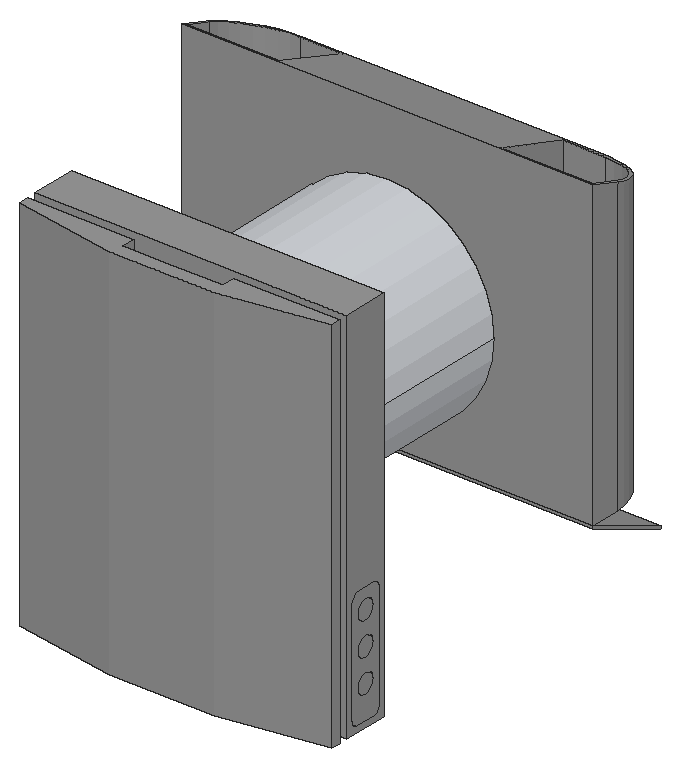
Revit family "TWINFRESH EXPERT RW1-85-2-V.2", category Оборудование, Revit 2021
Family settings
  Размер круглого соединителя = Использовать диаметр
  Классификация = Нет
  Тип детали = Нормальный
  На основе рабочей плоскости = Нет
  Всегда вертикально = Да
  При загрузке вырезать с полостями = Нет
  Общий = Нет
  Точка принадлежности помещению = Нет
Parameters (values of type "RW1-85-2-V.2")
  Ширина = 310 mm  # constant formula
  Частота = 50 Hz  # constant formula
  Фільтр = "MERV 5, MERV 14 (option)"
  Установлена потужність = Напруга * Струм  # 24.38 VA
  Температура повітря, що переміщається = "+5...+104 °С"  # constant formula
  Струм = 0.106 A
  Статичний тиск повітря [instance] = 0.0 Pa
  Рівень звукового тиску на відстані 3 м = "2.1 Sones"
  Потужність = 9.68 W
  Повітряний потік [instance] = 0.0 m³/h
  Default Elevation = 0 mm
  Description = ""
  Напруга = if(Кількість фаз = 3, 400 V, 230 V)  # 230 V
  Матеріал зони обслуговуваня = none
  Максимальний потік повітря = 23.6 m³/h  # constant formula
  Кількість фаз = 1
  Класифікація навантаження = "HVAC"
  Изготовитель = "Vents"  # constant formula
  Діаметр = D  # 160 mm
  Довжина = L стенна + 63.5 mm * 2  # 277 mm
  Висота = 286 mm  # constant formula
  l стенна = L стенна / 2  # 75 mm
  L стенна = 150 mm
  URL = ""
  Dy = D - 4 mm  # 156 mm
  D = 160 mm
  Матеріал корпусу = Пластмасса, непрозрачная, белая
  09_Назва системи [instance] = ""
  00_20_Тип = "RW1-85-2-V.2"
  00_20_Назва = "TwinFresh Expert"  # constant formula
  00_20_Виробник = "Vents"  # constant formula
Reference planes
  plane 1 "По центру (Вперед/Назад)": y = 0
  plane 2: z = 0
  plane 3 "По центру (Влево/Вправо)": x = 0
Forms (mm)
  Extrusion 1, solid
    sketch origin (0, 0, 0) x (1, 0, 0) y (0, 0, 1)
      loop
        circle (0, 0) r 78
      loop
        circle (0, 0) r 80
    from -75 to 75
Dimensions and locks
  equal spacing: Extrusion 1, plane 1 "По центру (Вперед/Назад)", Extrusion 1
  "L стенна": Extrusion 1 to Extrusion 1
  "l стенна": nested 1 to plane 1 "По центру (Вперед/Назад)"
  "l стенна": plane 1 "По центру (Вперед/Назад)" to nested 2
  "Dy": diameter of Extrusion 1 sketch curve
  "D": diameter of Extrusion 1 sketch curve
  aligned and locked: level to plane 2
  aligned and locked: level to nested 1
Automatic sketch dimensions
  Extrusion 1 sketch curve to Extrusion 1 sketch curve = 0 mm  (x2)
  Extrusion 1 sketch curve to level = 0 mm
  Extrusion 1 sketch curve to plane 3 "По центру (Влево/Вправо)" = 0 mm
Nested families
  nested 1: "Колпак внутренний" at (0, -75, -33), type "Колпак внутренний"
  nested 2: "Колпак наружный" at (0, 75, 0), type "Колпак наружный"
Definition of nested family "Колпак внутренний"
  Parameters (values of type "Колпак внутренний")
    Default Elevation = 0 mm
    w = W / 2  # 117.5 mm
    t1 = T * 0.55  # 34.925 mm
    h1 = (H - D) / 2 - 30 mm  # 33 mm
    h = H / 2  # 143 mm
    W = 235 mm
    T = 63.5 mm
    H = 286 mm
    D = 160 mm
    -h = -H / 2  # -143 mm
  Reference planes
    plane 1 "По центру (Вперед/Назад)": y = 0
    plane 2: z = 0
    plane 3 "По центру (Влево/Вправо)": x = 0
    plane 4: y = -63.5
    plane 5: z = 33
  Forms (mm)
    Extrusion 1, solid
      sketch origin (0, 0, 0) x (1, 0, 0) y (0, 0, 1)
        loop
          line (-117.5, 143) -> (-117.5, -143) -> (117.5, -143) -> (117.5, 143) -> (-117.5, 143)
        loop
          circle (0, 33) r 80
      from 0 to 34.925 <- "t1"
    Extrusion 2, solid
      sketch origin (0, 0, 0) x (1, 0, 0) y (0, 1, 0)
        loop
          line (-117.5, -41.925) -> (-117.5, -48.925)
          arc (-117.5, -48.925) -> (0, -63.5) -> (117.5, -48.925) r 480.915
          line (117.5, -48.925) -> (117.5, -41.925) -> (37.5, -41.925) -> (37.5, -51.925) -> (0, -51.925) -> (-37.5, -51.925) -> (-37.5, -41.925) -> (-117.5, -41.925)
      from -143 <- "-h" to 143 <- "h"
    Extrusion 3, solid
      sketch origin (0, 0, 0) x (1, 0, 0) y (0, 0, 1)
        loop
          circle (-97.5, 123) r 5
        loop
          circle (97.5, 123) r 5
        loop
          circle (-97.5, -123) r 5
        loop
          circle (97.5, -123) r 5
      from 34.925 <- "t1" to 41.925
    Extrusion 4, solid
      sketch origin (0, 0, 0) x (0, 1, 0) y (0, 0, 1)
        loop
          line (-24.925, -138) -> (-10, -138)
          arc (-10, -138) -> (-6.464, -136.536) -> (-5, -133) r 5
          line (-5, -133) -> (-5, -53)
          arc (-5, -53) -> (-6.464, -49.464) -> (-10, -48) r 5
          line (-10, -48) -> (-24.925, -48)
          arc (-24.925, -48) -> (-28.461, -49.464) -> (-29.925, -53) r 5
          line (-29.925, -53) -> (-29.925, -133)
          arc (-29.925, -133) -> (-28.461, -136.536) -> (-24.925, -138) r 5
        loop
          circle (-17.463, -63) r 7.5
        loop
          circle (-17.463, -88) r 7.5
        loop
          circle (-17.463, -113) r 7.5
      from 117.5 <- "w" to 116.5
    Extrusion 5, solid
      sketch origin (0, 0, 0) x (1, 0, 0) y (0, 0, 1)
        loop
          circle (0, 33) r 80
      from 0 to 1
  Dimensions and locks
    equal spacing: Extrusion 1 sketch curve, plane 3 "По центру (Влево/Вправо)", Extrusion 1 sketch curve
    "W": Extrusion 1 sketch curve to Extrusion 1 sketch curve
    equal spacing: Extrusion 1 sketch curve, level, Extrusion 1 sketch curve
    "H": Extrusion 1 sketch curve to Extrusion 1 sketch curve
    "T": plane 4 to plane 1 "По центру (Вперед/Назад)"
    locked: Extrusion 2 sketch curve to Extrusion 1 at 7
    equal spacing: Extrusion 2 sketch curve, plane 3 "По центру (Влево/Вправо)", Extrusion 2 sketch curve  (x2)
    "W": Extrusion 2 sketch curve to Extrusion 2 sketch curve
    locked: Extrusion 2 sketch curve to Extrusion 2 sketch curve at 75
    locked: Extrusion 1 to Extrusion 4 sketch curve at 5  (x2)
    locked: Extrusion 4 sketch curve to plane 1 "По центру (Вперед/Назад)" at 5
    locked: Extrusion 4 sketch curve to Extrusion 4 sketch curve at 90
    "h1": plane 5 to level
    locked: Extrusion 4 to Extrusion 1 at 1
    locked: Extrusion 1 to Extrusion 3 sketch curve at 20  (x6)
    locked: Extrusion 3 sketch curve to Extrusion 1 at 20  (x2)
    locked: Extrusion 5 to plane 1 "По центру (Вперед/Назад)" at 1
    "D": diameter of Extrusion 1 sketch curve
    "D": diameter of Extrusion 5 sketch curve
    aligned and locked: level to plane 2
    aligned and locked: Extrusion 3 to Extrusion 2
  Automatic sketch dimensions
    Extrusion 4 sketch curve to Extrusion 4 sketch curve = 5 mm  (x4)
    plane 1 "По центру (Вперед/Назад)" to Extrusion 4 sketch curve = 17.463 mm  (x2)
    Extrusion 4 sketch curve to Extrusion 4 sketch curve = 7.462 mm
    Extrusion 4 sketch curve to Extrusion 4 sketch curve = 20 mm
    Extrusion 4 sketch curve to Extrusion 4 sketch curve = 25 mm
    Extrusion 4 sketch curve to Extrusion 4 sketch curve = 10 mm
    Extrusion 1 sketch curve to plane 3 "По центру (Влево/Вправо)" = 0 mm
    Extrusion 1 sketch curve to plane 5 = 0 mm
    Extrusion 2 sketch curve to plane 3 "По центру (Влево/Вправо)" = 0 mm  (x2)
    plane 4 to Extrusion 2 sketch curve = 21.575 mm
    Extrusion 2 sketch curve to Extrusion 2 sketch curve = 7 mm
    Extrusion 2 sketch curve to Extrusion 2 sketch curve = 10 mm
    Extrusion 2 sketch curve to plane 1 "По центру (Вперед/Назад)" = 417.415 mm
    Extrusion 5 sketch curve to plane 3 "По центру (Влево/Вправо)" = 0 mm
    Extrusion 5 sketch curve to plane 5 = 0 mm
    radius of Extrusion 3 sketch curve = 5 mm  (x4)
    radius of Extrusion 4 sketch curve = 7.5 mm  (x3)
Definition of nested family "Колпак наружный"
  Parameters (values of type "Семейство2")
    Default Elevation = 0 mm
    w = W / 2  # 155 mm
    W = 310 mm
    H = 260 mm
  Reference planes
    plane 1 "По центру (Вперед/Назад)": y = 0
    plane 2: z = 0
    plane 3 "По центру (Влево/Вправо)": x = 0
    plane 4: y = 63.5
    plane 5: z = -130
    plane 6: z = 130
  Forms (mm)
    Extrusion 1, solid
      sketch origin (0, 0, 0) x (1, 0, 0) y (0, 1, 0)
        loop
          line (-155, 0) -> (155, 0) -> (155, 23.5)
          arc (155, 23.5) -> (143.284, 51.784) -> (115, 63.5) r 40
          line (115, 63.5) -> (-115, 63.5)
          arc (-115, 63.5) -> (-143.284, 51.784) -> (-155, 23.5) r 40
          line (-155, 23.5) -> (-155, 0)
        loop
          line (-153, 23.5) -> (-153, 2) -> (-83, 2) -> (-83, 61.5) -> (-115, 61.5)
          arc (-115, 61.5) -> (-141.87, 50.37) -> (-153, 23.5) r 38
        loop
          arc (153, 23.5) -> (141.87, 50.37) -> (115, 61.5) r 38
          line (115, 61.5) -> (83, 61.5) -> (83, 2) -> (153, 2) -> (153, 23.5)
      from -100 to 130
    Extrusion 2, solid
      sketch origin (0, 0, 0) x (0, 1, 0) y (0, 0, 1)
        loop
          line (0, -100) -> (0, -102) -> (63.5, -130) -> (63.5, -128) -> (0, -100)
      from -155 to 155
    Extrusion 3, void
      sketch origin (0, 0, 0) x (0, 1, 0) y (0, 0, 1)
        loop
          line (0, 130) -> (63.5, 107.582) -> (63.5, 130) -> (0, 130)
      from -155 to 155
  Cuts and joins
    Extrusion 3 cuts Extrusion 1
  Dimensions and locks
    equal spacing: Extrusion 1 sketch curve, plane 3 "По центру (Влево/Вправо)", Extrusion 1 sketch curve
    "W": Extrusion 1 sketch curve to Extrusion 1 sketch curve
    plane 4 to plane 1 "По центру (Вперед/Назад)" = 63.5 mm
    equal spacing: plane 5, level, plane 6
    "H": plane 5 to plane 6
    plane 5 to Extrusion 1 = 30 mm
    locked: Extrusion 2 to Extrusion 1 sketch curve at 2  (x3)
    locked: Extrusion 1 sketch curve to plane 3 "По центру (Влево/Вправо)" at 83
    locked: Extrusion 1 sketch curve to Extrusion 2 at 2  (x3)
    locked: plane 3 "По центру (Влево/Вправо)" to Extrusion 1 sketch curve at 83
    "w": cut or joined group of Extrusion 1, Extrusion 3 to plane 3 "По центру (Влево/Вправо)" to cut or joined group of Extrusion 1, Extrusion 3
    aligned and locked: level to plane 2
    aligned and locked: plane 4 to Extrusion 1
    aligned and locked: plane 6 to Extrusion 1
    aligned and locked: Extrusion 2 sketch curve to plane 4
    aligned and locked: Extrusion 2 to Extrusion 1  (x2)
    aligned and locked: plane 6 to Extrusion 3 sketch curve
    aligned and locked: plane 4 to Extrusion 3 sketch curve
  Automatic sketch dimensions
    Extrusion 2 sketch curve to plane 1 "По центру (Вперед/Назад)" = 0 mm
    Extrusion 2 sketch curve to plane 5 = 0 mm
    plane 5 to Extrusion 2 sketch curve = 28 mm
    Extrusion 2 sketch curve to Extrusion 2 sketch curve = 2 mm  (x2)
    Extrusion 3 sketch curve to plane 1 "По центру (Вперед/Назад)" = 0 mm
    Extrusion 3 sketch curve to Extrusion 3 sketch curve = 22.418 mm
    Extrusion 1 sketch curve to Extrusion 1 sketch curve = 0 mm  (x4)
    plane 1 "По центру (Вперед/Назад)" to Extrusion 1 sketch curve = 0 mm
    Extrusion 1 sketch curve to Extrusion 1 sketch curve = 32 mm
    Extrusion 1 sketch curve to plane 1 "По центру (Вперед/Назад)" = 23.5 mm
